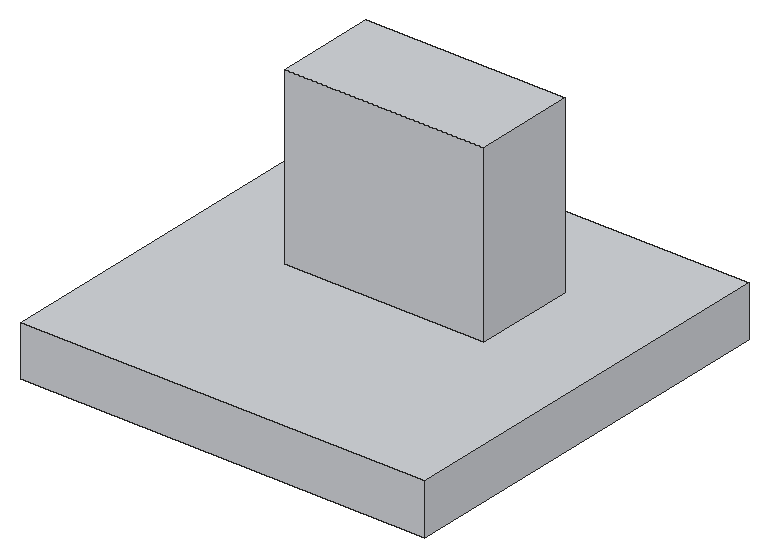
Revit family "M_Filtro de gordura - Circuito curto - Parede", category Terminais de ar, Revit 2019
Family settings
  Hospedeiro = Face
  Cota do conector redondo = Utilizar diâmetro
  Tipo de parte = Normal
  Número OmniClass = 23.40.40.14.21.11
  Título OmniClass = Food Service Hoods
  ID de item do Seek = Grease Hood - Short Circuit - Wall-0000-CAN-ENU
  Corte com vazios quando carregada = Não
  Compartilhado = Não
  Ponto de cálculo do ambiente = Não
Parameters (values of type "Padrão")
  Largura 2 [instance] = 150 mm
  Largura 1 [instance] = Largura do duto de ar de fornecimento / 2 + 75 mm  # 175 mm
  Queda de pressão do fornecimento [instance] = 50.0 Pa
  Fluxo do ar de fornecimento [instance] = 1130.0 L/s
  Largura do duto de ar de fornecimento [instance] = 200 mm
  Altura do duto de ar de fornecimento [instance] = 200 mm
  Queda de pressão do exaustor [instance] = 100.0 Pa
  Largura da coifa [instance] = 1050 mm
  Material da coifa = none
  Comprimento da coifa [instance] = 1200 mm
  Fluxo do ar de exaustão [instance] = 1130.0 L/s
  Largura do duto de ar de exaustão [instance] = 200 mm
  Altura do duto de ar de exaustão [instance] = 200 mm
  Elevação-padrão = 1200 mm
Reference planes
  plane 1 "Centro (Frente/Trás)": y = 0
  plane 2: z = 0
  plane 3 "Centro (Esquerda/Direita)": x = 0
  plane 4: z = 1050
  plane 5: x = -600
  plane 6: x = 600
  plane 7: z = 150
  plane 8: z = 875
  plane 9: x = -100
  plane 10: x = 100
  plane 11: x = -100
  plane 12: x = 100
  plane 13: z = 975
  plane 14: z = 250
  plane 15: z = 775
  plane 16: z = 50
  plane 17: y = 609.6
  plane 18: y = 711.2
Forms (mm)
  Extrusion 1, solid, material <- "Material da coifa"
    sketch origin (0, 0, 0) x (1, 0, 0) y (0, 1, 0)
      loop
        line (-1219.2, 1219.2) -> (-1219.2, -1219.2) -> (1219.2, -1219.2) -> (1219.2, 1219.2) -> (-1219.2, 1219.2)
    from 0 to -304.8
  Extrusion 2, solid, material <- "Material da coifa"
    sketch origin (0, 0, 0) x (1, 0, 0) y (0, 0, 1)
      loop
        line (-600, 1050) -> (-600, 0) -> (600, 0) -> (600, 1050) -> (-600, 1050)
    from -609.6 to 0
  Extrusion 3, solid, material <- "Material da coifa"
    sketch origin (0, 0, 0) x (1, 0, 0) y (0, 0, 1)
      loop
        line (-100, 975) -> (-100, 775) -> (100, 775) -> (100, 975) -> (-100, 975)
      loop
        line (-100, 250) -> (-100, 50) -> (100, 50) -> (100, 250) -> (-100, 250)
    from -711.2 to -609.6
Dimensions and locks
  "Largura da coifa": plane 4 to plane 2
  equal spacing: plane 6, plane 3 "Centro (Esquerda/Direita)", plane 5
  "Comprimento da coifa": plane 6 to plane 5
  "Largura 1": plane 4 to plane 8
  "Largura 2": plane 7 to plane 2
  equal spacing: plane 10, plane 3 "Centro (Esquerda/Direita)", plane 9
  "Largura do duto de ar de fornecimento": plane 10 to plane 9
  equal spacing: plane 12, plane 3 "Centro (Esquerda/Direita)", plane 11
  "Largura do duto de ar de exaustão": plane 12 to plane 11
  equal spacing: plane 13, plane 8, plane 15
  "Altura do duto de ar de fornecimento": plane 13 to plane 15
  equal spacing: plane 14, plane 7, plane 16
  "Altura do duto de ar de exaustão": plane 14 to plane 16
  locked: plane 17 to plane 1 "Centro (Frente/Trás)" at 609.6
  locked: plane 18 to plane 17 at 101.6
  aligned and locked: plane 2 to Extrusion 1
  aligned and locked: level to Extrusion 1
  aligned and locked: plane 5 to Extrusion 2 sketch curve
  aligned and locked: Extrusion 2 sketch curve to plane 4
  aligned and locked: level to Extrusion 2 sketch curve
  aligned and locked: plane 6 to Extrusion 2 sketch curve
  aligned and locked: plane 9 to Extrusion 3 sketch curve
  aligned and locked: Extrusion 3 sketch curve to plane 13
  aligned and locked: plane 15 to Extrusion 3 sketch curve
  aligned and locked: plane 10 to Extrusion 3 sketch curve
  aligned and locked: plane 11 to Extrusion 3 sketch curve
  aligned and locked: Extrusion 3 sketch curve to plane 14
  aligned and locked: plane 16 to Extrusion 3 sketch curve
  aligned and locked: plane 12 to Extrusion 3 sketch curve
  aligned and locked: Extrusion 2 to plane 17
  aligned and locked: plane 1 "Centro (Frente/Trás)" to Extrusion 2
  aligned and locked: Extrusion 3 to plane 18
  aligned and locked: plane 17 to Extrusion 3
Automatic sketch dimensions
  Extrusion 1 sketch curve to Extrusion 1 sketch curve = 2438.4 mm  (x2)
Connectors
  hvac at (0, 711.2, 875), driven by "Altura do duto de ar de fornecimento", driven by "Largura do duto de ar de fornecimento", driven by "Queda de pressão do fornecimento", driven by "Fluxo do ar de fornecimento"
    settings: on Extrusion 3, index 1, duct flow 1130.0 L/s, flow factor 0, pres drop 50.0 Pa, loss coef 0, conn angle 0.00°, conn width 200 mm, conn height 200 mm, conn diameter 609.6 mm, duct sys type 1, conn prof type 1, flow config 1, flow direction 1, loss method 4, conn ref index -1, conn util no, is conn primary yes, conn desc ""
  hvac at (0, 711.2, 150), driven by "Altura do duto de ar de exaustão", driven by "Largura do duto de ar de exaustão", driven by "Queda de pressão do exaustor", driven by "Fluxo do ar de exaustão"
    settings: on Extrusion 3, index 2, duct flow 1130.0 L/s, flow factor 0, pres drop 100.0 Pa, loss coef 0, conn angle 0.00°, conn width 200 mm, conn height 200 mm, conn diameter 609.6 mm, duct sys type 3, conn prof type 1, flow config 1, flow direction 2, loss method 4, conn ref index -1, conn util no, is conn primary no, conn desc ""
